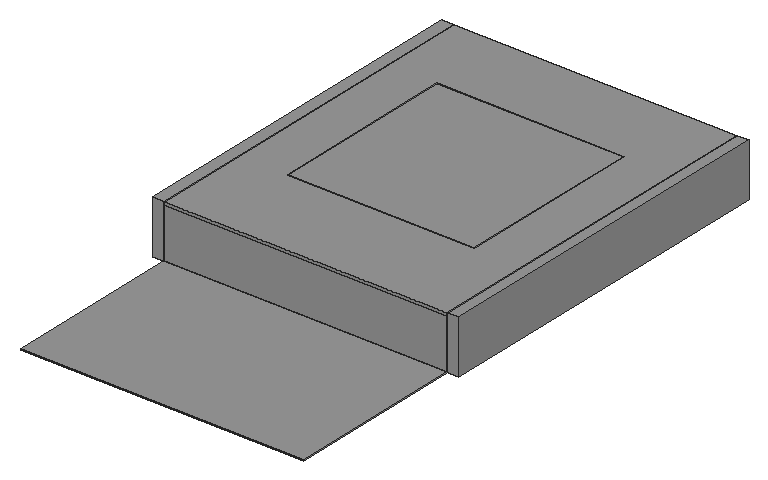
Revit family "OKA-W Anbaueinheit für GES9_55, Höhe 40-70mm", category Generic Models, Revit 2015
Parameters (values of type "OKA-W A 4030 9")
  Width = 400 mm
  URL = "http://www.obo-bettermann.com"
  Material = Steel, Galvanized
  Manufacturer Art. No. = "7424884"
  Manufacturer = "OBO Bettermann"
  Length = 473 mm
  HeightCalc [instance] = if(Height < 40 mm, 40 mm, (if(Height > 70 mm, 70 mm, Height)))  # 70 mm
  Height [instance] = 500 mm
  GTIN = "4012195245155"
  Article Type = "OKA-W A 4030 9"
Reference planes
  plane 1 "Center (Front/Back)": y = 0
  plane 2: z = 0
  plane 3 "Center (Left/Right)": x = 0
  plane 4: z = 70
  plane 5: y = -473
  plane 6: x = 200
  plane 7: x = -200
Forms (mm)
  Extrusion 1, solid, material "Aluminum 6061"
    sketch origin (0, 0, 0) x (1, 0, 0) y (0, 0, 1)
      loop
        line (185, 70) -> (185, 1) -> (-185, 1) -> (-185, 70) -> (-200, 70) -> (-200, 0) -> (200, 0) -> (200, 70) -> (185, 70)
    from 0 to 473
  Extrusion 2, solid, material "Steel, Galvanized" <- "Material"
    sketch origin (0, 0, 0) x (1, 0, 0) y (0, 0, 1)
      loop
        line (185, 66) -> (185, 70) -> (-185, 70) -> (-185, 66) -> (185, 66)
    from 0 to 473
  Extrusion 3, solid, material "Aluminum 6061"
    sketch origin (0, 0, 0) x (0, 1, 0) y (0, 0, 1)
      loop
        line (-473, 66) -> (-473, 1) -> (-708, 1) -> (-708, 0) -> (-458, 0) -> (-458, 66) -> (-473, 66)
    from -185 to 185
  Extrusion 4, void
    sketch origin (0, 0, 0) x (1, 0, 0) y (0, 1, 0)
      loop
        line (-122, -106.5) -> (-122, -350.5) -> (122, -350.5) -> (122, -106.5) -> (-122, -106.5)
    from 0 to 250
  Extrusion 5, solid, material "Steel, Galvanized"
    sketch origin (0, 0, 0) x (1, 0, 0) y (0, 1, 0)
      loop
        line (-122, -106.5) -> (-122, -350.5) -> (122, -350.5) -> (122, -106.5) -> (-122, -106.5)
    from 66 to 70
Cuts and joins
  Extrusion 4 cuts Extrusion 2
Lines and regions (mm)
  model lines
    curve 1: line (-200, 0, 70) -> (-185, 0, 70)
    curve 2: line (-185, 0, 70) -> (-185, 0, 0)
    curve 3: line (-200, 0, 1) -> (-200, 0, 70)
    curve 4: line (185, 0, 70) -> (185, 0, 0)
    curve 5: line (200, 0, 1) -> (200, 0, 70)
    curve 6: line (200, 0, 70) -> (185, 0, 70)
    curve 7: line (185, 0, 70) -> (185, 0, 0)
    curve 8: line (-185, 0, 0) -> (-185, 0, 70)
    curve 9: line (-185, 0, 70) -> (185, 0, 70)
    curve 10: line (-185, 0, 66) -> (185, 0, 66)
Dimensions and locks
  locked: curve 2 to curve 3 at 15
  locked: curve 5 to curve 4 at 15
  "Length": plane 1 "Center (Front/Back)" to plane 5
  equal spacing: plane 7, plane 3 "Center (Left/Right)", plane 6
  "Width": plane 7 to plane 6
  "HeightCalc": level to plane 4
  locked: curve 10 to curve 9 at 4
  Extrusion 3 sketch curve to Extrusion 1 = 15 mm
  locked: Extrusion 3 sketch curve to Extrusion 3 sketch curve at 250
  locked: Extrusion 3 sketch curve to Extrusion 3 sketch curve at 1
  Extrusion 4 sketch curve to Extrusion 4 sketch curve = 244 mm
  equal spacing: Extrusion 4 sketch curve, plane 3 "Center (Left/Right)", Extrusion 4 sketch curve
  locked: cut or joined group of Extrusion 2, Extrusion 4 to Extrusion 4 sketch curve at 106.5
  locked: Extrusion 4 sketch curve to Extrusion 4 sketch curve at 244
  aligned and locked: level to plane 2
  aligned and locked: curve 3 to plane 7
  aligned and locked: curve 5 to plane 6
  aligned and locked: plane 4 to curve 1
  aligned and locked: Extrusion 1 sketch curve to curve 7
  aligned and locked: Extrusion 1 sketch curve to curve 6
  aligned and locked: Extrusion 1 sketch curve to curve 5
  aligned and locked: Extrusion 1 sketch curve to curve 3
  aligned and locked: curve 8 to Extrusion 1 sketch curve
  aligned and locked: Extrusion 1 sketch curve to curve 1
  aligned and locked: Extrusion 1 to plane 5
  aligned and locked: Extrusion 2 sketch curve to curve 10
  aligned and locked: Extrusion 2 sketch curve to curve 9
  aligned and locked: Extrusion 2 sketch curve to curve 2
  aligned and locked: Extrusion 2 sketch curve to curve 4
  aligned and locked: Extrusion 2 to plane 5
  aligned and locked: level to Extrusion 3 sketch curve
  aligned and locked: Extrusion 3 sketch curve to plane 5
  aligned and locked: Extrusion 3 to curve 1
  aligned and locked: Extrusion 3 to Extrusion 1
  aligned and locked: Extrusion 3 to Extrusion 2
  aligned and locked: Extrusion 5 sketch curve to cut or joined group of Extrusion 2, Extrusion 4  (x4)
  aligned and locked: curve 10 to Extrusion 5
  aligned and locked: curve 4 to Extrusion 5
  aligned and locked: Extrusion 1 sketch curve to level
Automatic sketch dimensions
  Extrusion 3 sketch curve to plane 4 = 4 mm
  level to Extrusion 1 sketch curve = 1 mm
  curve 8 to level = 0 mm
  level to curve 3 = 1 mm
  level to curve 5 = 1 mm
  curve 7 to level = 0 mm
